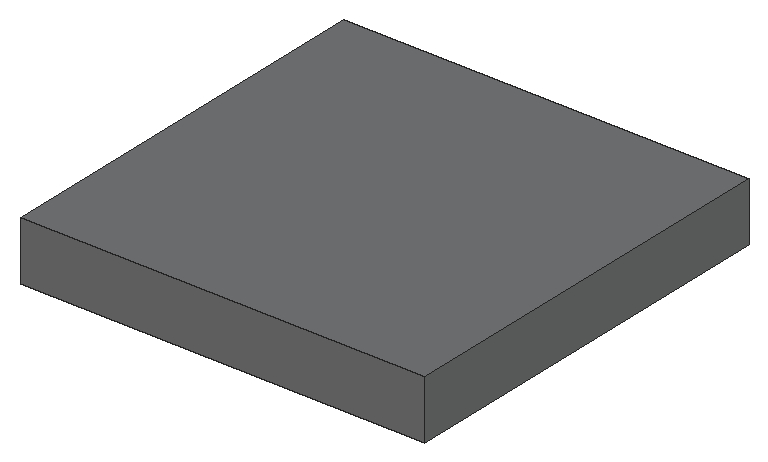
Revit family "Gira_028627", category Electrical Fixtures, host Face, Revit 2017
Family settings
  Host = Face
  Maintain Annotation Orientation = No
  Round Connector Dimension = Use Diameter
  Part Type = Normal
  Cut with Voids When Loaded = No
  Shared = No
  Room Calculation Point = No
Parameters (values of type "Rocker sym.bell System 55 p.white m")
  With exchangeable lens/symbol = "No"
  URL = "http://katalog.gira.de/en/datenblatt.html?artikelnr=028627"
  Suitable for touch sensor connector for bus system = "No"
  Scannable symbol / barrier free = "No"
  Name = "Rocker sym.bell System 55 p.white m"
  Monitoring window/light outlet = "No"
  Model = "Single rocker"
  Manufacturer URL = "https://www.gira.de/"
  Manufacturer = "Gira"
  Keynote = ""
  HeinzeBIM = "https://bimportal.heinze.de/bim/rocker-sym-bell-system-55-p-white-m/fbc702791ab62a062be7ceec10df6383efaf81c3"
  HAN = "028627"
  GTIN = "4010337286271"
  Description = "Rock.sym.bell Sys55 PWm,Rocker with symbol,Bell,pure white matt,"
  Default Elevation = 1219.2 mm
  Data sheet (1) = "https://katalog.gira.de/en/download.html?artikelnr=028627"
  Category = "Control element/cover plate for domestic switching devices"
  BIM (1) = "https://media.stage.bim.site/public/gira/36a6b08/Sys55_Abdeckung_Schalten und Tasten.rfa?public/gira/36a6b08/Sys55_Abdeckung_Schalten und Tasten.rfa"
  Available = "No"
  Anthrazit [instance] = Anthrazit
Reference planes
  plane 1 "Center (Front/Back)": y = 0
  plane 2: z = 0
  plane 3 "Center (Left/Right)": x = 0
Forms (mm)
  Extrusion 1, solid, material "Anthrazit" <- "Anthrazit", detail levels fine
    sketch origin (0, 0, 0) x (1, 0, 0) y (0, 1, 0)
      loop
        line (-27.5, 27.5) -> (-27.5, -27.5) -> (27.5, -27.5) -> (27.5, 27.5) -> (-27.5, 27.5)
    from 0 to 8
  Extrusion 2, void
    sketch origin (0, 0, 0) x (1, 0, 0) y (0, 1, 0)
      loop
        line (26, 26) -> (-26, 26) -> (-26, -26) -> (26, -26) -> (26, 26)
    from 0 to 6
  Extrusion 3, solid, material "Anthrazit" <- "Anthrazit", detail levels medium
    sketch origin (0, 0, 0) x (1, 0, 0) y (0, 1, 0)
      loop
        line (-27.5, 27.5) -> (-27.5, -27.5) -> (27.5, -27.5) -> (27.5, 27.5) -> (-27.5, 27.5)
    from 0 to 8
  Extrusion 4, solid, material "Anthrazit" <- "Anthrazit", detail levels medium
    sketch origin (0, 0, 0) x (1, 0, 0) y (0, 1, 0)
      loop
        line (11, -17.5) -> (11, 17.5) -> (-11, 17.5) -> (-11, -17.5) -> (11, -17.5)
    from -6 to 6
  Extrusion 5, solid, material "Anthrazit" <- "Anthrazit", detail levels fine
    sketch origin (0, 0, 0) x (1, 0, 0) y (0, 1, 0)
      loop
        line (11, 17.5) -> (-11, 17.5) -> (-11, 16.5) -> (11, 16.5) -> (11, 17.5)
      loop
        line (-11, -16.5) -> (-11, -17.5) -> (11, -17.5) -> (11, -16.5) -> (-11, -16.5)
    from -4 to 6
  Extrusion 6, solid, material "Anthrazit" <- "Anthrazit", detail levels fine
    sketch origin (0, 0, 0) x (1, 0, 0) y (0, 1, 0)
      loop
        arc (5, 9.347) -> (0, 10.6) -> (-5, 9.347) r 10.6
        line (-5, 9.347) -> (-5, -9.347)
        arc (-5, -9.347) -> (0, -10.6) -> (5, -9.347) r 10.6
        line (5, -9.347) -> (5, 9.347)
    from -6 to 6
  Extrusion 7, solid, material "Anthrazit" <- "Anthrazit", detail levels coarse
    sketch origin (0, 0, 0) x (1, 0, 0) y (0, 1, 0)
      loop
        line (-27.5, 27.5) -> (-27.5, -27.5) -> (27.5, -27.5) -> (27.5, 27.5) -> (-27.5, 27.5)
    from -6 to 8
Cuts and joins
  Extrusion 2 cuts Extrusion 1
Dimensions and locks
  aligned and locked: plane 2 to host face
  aligned and locked: level to host face
